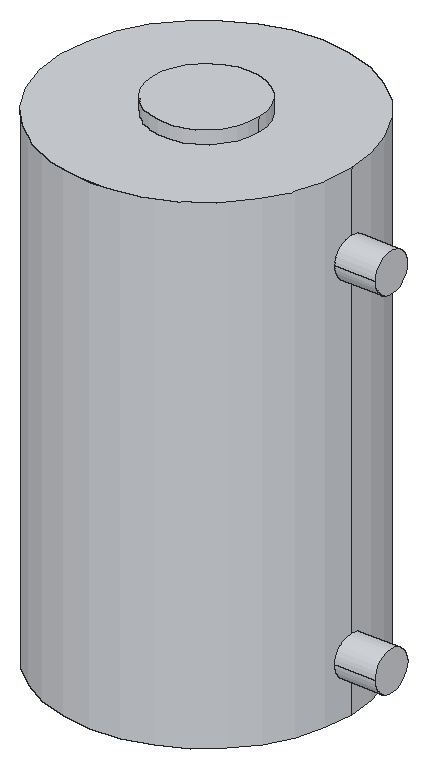
Revit family "7067607ba8034580acc5c9e23ad7dad8", category Mechanical Equipment, Revit 2021
Family settings
  Round Connector Dimension = Use Radius
  Part Type = Normal
  OmniClass Number = 23.75.65.11.17
  OmniClass Title = Heating Optimizers/Economizers
  Seek Item ID = Economizer-0000-USA-ENU
  Work Plane-Based = No
  Always vertical = Yes
  Cut with Voids When Loaded = No
  Shared = No
  Room Calculation Point = No
Parameters (values of type "Standard")
  Pressure Drop 1 [instance] = 1.015 psi
  Outlet Radius 1 = Outlet Diameter 1 / 2  # 8"
  Outlet Diameter 1 = 16"
  Inlet Radius 1 = Inlet Diameter 1 / 2  # 8"
  Inlet Diameter 1 = 16"
  Flow 1 [instance] = 66 GPM
  Pressure Drop 2 [instance] = 2.175 psi
  Outlet Radius 2 = Outlet Diameter 2 / 2  # 2 31/32"
  Outlet Diameter 2 = 5 15/16"
  Inlet Radius 2 = Inlet Diameter 2 / 2  # 3"
  Inlet Diameter 2 = 6"
  Flow 2 [instance] = 1 GPM
  Economizer Radius = Economizer Diameter / 2  # 1' - 10"
  Economizer Material = none
  Economizer Height = 6' - 6"
  Economizer Diameter = 3' - 8"
  Distance = 4' - 6"
  Default Elevation = 0' - 0"
  C3 Offset 1 = 0' - 10"
Reference planes (in)
  plane 1 "Center (Front/Back)": y = 0
  plane 2: z = 0
  plane 3 "Center (Left/Right)": x = 0
  plane 4: z = 78
  plane 5: z = 2
  plane 6: z = 76
  plane 7: z = 10
  plane 8: x = 28
  plane 9: z = 64
Forms (in)
  Extrusion 1, solid, material <- "Economizer Material"
    sketch origin (0, 0, 0) x (1, 0, 0) y (0, 1, 0)
      loop
        circle (0, 0) r 8
    from 0 to 2
  Extrusion 2, solid, material <- "Economizer Material"
    sketch origin (0, 0, 0) x (1, 0, 0) y (0, 1, 0)
      loop
        circle (0, 0) r 22
    from 2 to 76
  Extrusion 3, solid, material <- "Economizer Material"
    sketch origin (0, 0, 0) x (1, 0, 0) y (0, 1, 0)
      loop
        circle (0, 0) r 8
    from 76 to 78
  Extrusion 4, solid, material <- "Economizer Material"
    sketch origin (0, 0, 0) x (0, 1, 0) y (0, 0, 1)
      loop
        circle (0, 10) r 3
    from 0 to 28
  Extrusion 5, solid, material <- "Economizer Material"
    sketch origin (0, 0, 0) x (0, 1, 0) y (0, 0, 1)
      loop
        circle (0, 64) r 2.96875
    from 0 to 28
Cuts and joins
  joined: Extrusion 1, Extrusion 2, Extrusion 3, Extrusion 4, Extrusion 5
Dimensions and locks (in)
  "Economizer Height": plane 4 to plane 2
  locked: plane 4 to plane 6 at 2
  locked: plane 5 to plane 2 at 2
  "C3 Offset 1": plane 7 to plane 2
  locked: plane 8 to plane 3 "Center (Left/Right)" at 28
  "Distance": plane 9 to plane 7
  "Inlet Radius 1": radius of Extrusion 1 sketch curve
  "Economizer Radius": radius of Extrusion 2 sketch curve
  "Outlet Radius 1": radius of Extrusion 3 sketch curve
  "Inlet Radius 2": radius of Extrusion 4 sketch curve
  "Outlet Radius 2": radius of Extrusion 5 sketch curve
  aligned and locked: plane 3 "Center (Left/Right)" to Extrusion 1 sketch curve
  aligned and locked: plane 1 "Center (Front/Back)" to Extrusion 1 sketch curve
  aligned and locked: Extrusion 1 to plane 2
  aligned and locked: plane 5 to Extrusion 1
  aligned and locked: plane 3 "Center (Left/Right)" to Extrusion 2 sketch curve
  aligned and locked: plane 1 "Center (Front/Back)" to Extrusion 2 sketch curve
  aligned and locked: Extrusion 2 to plane 5
  aligned and locked: plane 6 to Extrusion 2
  aligned and locked: plane 3 "Center (Left/Right)" to Extrusion 3 sketch curve
  aligned and locked: plane 1 "Center (Front/Back)" to Extrusion 3 sketch curve
  aligned and locked: plane 6 to Extrusion 3
  aligned and locked: plane 4 to Extrusion 3
  aligned and locked: plane 1 "Center (Front/Back)" to Extrusion 4 sketch curve
  aligned and locked: plane 7 to Extrusion 4 sketch curve
  aligned and locked: plane 8 to Extrusion 4
  aligned and locked: Extrusion 4 to plane 3 "Center (Left/Right)"
  aligned and locked: plane 1 "Center (Front/Back)" to Extrusion 5 sketch curve
  aligned and locked: plane 9 to Extrusion 5 sketch curve
  aligned and locked: Extrusion 4 to Extrusion 5
  aligned and locked: Extrusion 5 to plane 3 "Center (Left/Right)"
Connectors (in)
  piping at (0, 0, 78), diameter 16, driven by "Flow 1", driven by "Inlet Radius 1"
    settings: on cut or joined group of Extrusion 1, Extrusion 2, Extrusion 3, Extrusion 4, Extrusion 5, index 1, connector inside diameter 16", connector length 0' - 0", flow factor 0, pipe flow 66 GPM, pressure drop 0.00 psi, fitting loss kfactor 0, connector angle 0.00°, fixture units 0, engagement length 0' - 0", angle of deflection 0.00°, flow configuration 0, flow direction 1, fitting loss method 4, system type 29, joint type 0, gender type 0, connector reference index 2, connector utility 0, adjustable connector no, is connector primary yes, connector description "Fluid In 1"
  piping at (0, 0, 0), diameter 16, driven by "Flow 1", driven by "Outlet Radius 1", driven by "Pressure Drop 1"
    settings: on cut or joined group of Extrusion 1, Extrusion 2, Extrusion 3, Extrusion 4, Extrusion 5, index 2, connector inside diameter 16", connector length 0' - 0", flow factor 0, pipe flow 66 GPM, pressure drop 1.015 psi, fitting loss kfactor 0, connector angle 0.00°, fixture units 0, engagement length 0' - 0", angle of deflection 0.00°, flow configuration 0, flow direction 2, fitting loss method 4, system type 29, joint type 0, gender type 0, connector reference index 1, connector utility 0, adjustable connector no, is connector primary no, connector description "Fluid Out 1"
  piping at (28, 0, 10), diameter 5.9375, driven by "Flow 2", driven by "Outlet Radius 2", driven by "Pressure Drop 2"
    settings: on cut or joined group of Extrusion 1, Extrusion 2, Extrusion 3, Extrusion 4, Extrusion 5, index 3, connector inside diameter 5 15/16", connector length 0' - 0", flow factor 0, pipe flow 1 GPM, pressure drop 2.175 psi, fitting loss kfactor 0, connector angle 0.00°, fixture units 0, engagement length 0' - 0", angle of deflection 0.00°, flow configuration 0, flow direction 2, fitting loss method 4, system type 29, joint type 0, gender type 0, connector reference index 4, connector utility 0, adjustable connector no, is connector primary no, connector description "Fluid Out  2"
  piping at (28, 0, 64), diameter 6, driven by "Flow 2", driven by "Inlet Radius 2"
    settings: on cut or joined group of Extrusion 1, Extrusion 2, Extrusion 3, Extrusion 4, Extrusion 5, index 4, connector inside diameter 6", connector length 0' - 0", flow factor 0, pipe flow 1 GPM, pressure drop 0.00 psi, fitting loss kfactor 0, connector angle 0.00°, fixture units 0, engagement length 0' - 0", angle of deflection 0.00°, flow configuration 0, flow direction 1, fitting loss method 4, system type 29, joint type 0, gender type 0, connector reference index 3, connector utility 0, adjustable connector no, is connector primary no, connector description "Fluid In 2"
